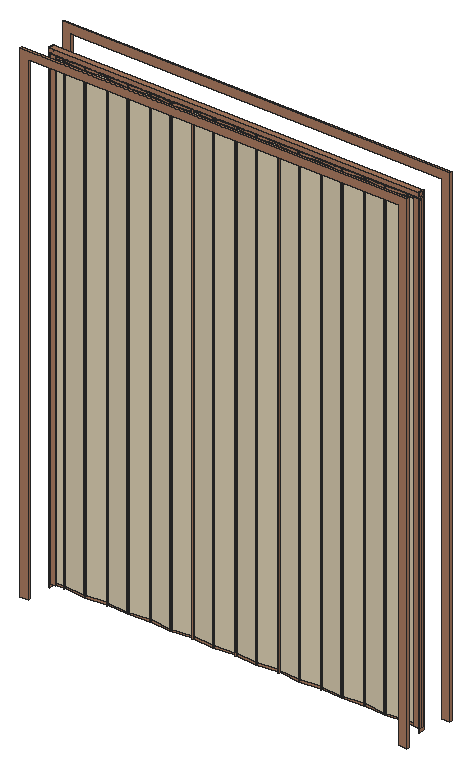
Revit family "Door-Accordion-Woodfold-Series_220", category Doors, host Wall, Revit 2015
Parameters (values of type "Height 8' 0" - Double End")
  Wheels = "Nylon wheel with lexan axle."  # constant formula
  Weight = "12 lbs. per linear foot."
  Unit Width = 0' - 4 1/4"
  Unit Height = Height - 0' 0 1/4"  # 7' - 11 3/4"
  URL = "www.woodfold.com"
  Type Comments = "Residential Room Dividers and Residential Closet Doors."  # constant formula
  True Total Length [instance] = True Door Length + 0' 5 1/2"  # 6' - 1 1/2"
  True Open [instance] = and(Open, not(Closed), not(Midway))  # no
  True Number of Panels Aux [instance] = if(Number of Panels = 1, 2, Number of Panels)  # 8
  True Number of Panels [instance] = if(Pair, (True Number of Panels Aux / 2), True Number of Panels Aux)  # 8
  True Midway [instance] = and(Midway, not(Closed), not(Open))  # no
  True Door Length [instance] = if(Pair, ((True Door Length Aux / 1) - 0' 0"), True Door Length Aux)  # 5' - 8"
  True Door Length Aux [instance] = if(Door Length = ((Number of Panels * Section Length) + 0' 0"), Door Length, (((Number of Panels * 1) * Section Length)) + 0' 0")  # 5' - 8"
  True Closed [instance] = and(Closed, not(Open), not(Midway))  # yes
  Trim Width = 0' - 1 5/8"
  Trim [instance] = yes
  Total Length [instance] = 6' - 0"
  Thickness = 0' - 0 1/4"
  Stacking Space = "1-1/4” per foot plus 2-3/4” for lead post."  # constant formula
  Sliding Jamb Width = 0' - 9 1/2"
  Sliding Jamb Right [instance] = and(Sliding Jamb, Pair)  # no
  Sliding Jamb Depth = 0' - 10 233/256"
  Sliding Jamb = no
  Single Jamb End [instance] = and(Jamb, not(Pair))  # yes
  Single = no
  Section Length Placement Aux [instance] = if(Midway, Sec Plac Midway, if(Closed, Sec Plac Closed, Sec Plac Open))  # 2' - 10"
  Section Length Placement [instance] = if(Pair, ((True Total Length - 0' 5 1/2") / 2), Section Length Placement Aux)  # 2' - 10"
  Section Length Addition [instance] = if(Closed, 0' 8 1/2", if(Open, 0' 0 1/2", 0' 6"))  # 0' - 8 1/2"
  Sec Plac Open [instance] = if(and(Open, Single), (True Total Length / 2) - 0' 2 3/4", if(and(Open, Pair), (True Total Length / 2) - 0' 2 3/4", if(and(Open, Double End), ((Section Length Addition * Number of Panels) / 2), 0' 0")))  # 0' - 0"
  Sec Plac Midway [instance] = if(and(Midway, Single), (True Total Length / 2) - 0' 2 3/4", if(and(Midway, Pair), (True Total Length / 2) - 0' 2 3/4", if(and(Midway, Double End), ((Section Length Addition * Number of Panels) / 2), 0' 0")))  # 0' - 0"
  Sec Plac Closed [instance] = if(and(Closed, Single), (True Total Length / 2) - 0' 2 3/4", if(and(Closed, Pair), (True Total Length / 2) - 0' 2 3/4", if(and(Closed, Double End), ((Section Length Addition * Number of Panels) / 2), 0' 0")))  # 2' - 10"
  Product data url = "https://bimobject.com/woodfold-mfg/product/woodfold-220"
  Pair = no
  Size Constraint = "Up to 8’-1” Height."  # constant formula
  Set Back = 0' - 6 7/16"  # constant formula
  Series = "220"  # constant formula
  Sections = ""
  Section Length [instance] = 0' - 8 1/2"
  Rough Width = Width + 0' 0 3/4"  # 6' - 0 3/4"
  Rough Height = Height + 0' 0 3/4"  # 8' - 0 3/4"
  Revisions Date = "06/10/09"  # constant formula
  Open [instance] = no
  OmniClass 23 = "23-25 40 17 17,23-30 10 17 17 11"  # constant formula
  Number of Panels [instance] = Door Length / Section Length  # 8
  Model = "220 Series Custom Length Accordion Door 8' Height"
  MasterFormat 2004 = "08 35 13.13"  # constant formula
  Latch = "Magnet with strike plate."  # constant formula
  Jamb [instance] = yes
  Handle Placement Height = 3' - 0"
  Handle Finish = Woodfold - PVC Plastic - Brown
  Function = Interior
  Double Jamb End [instance] = and(Jamb, Double End)  # yes
  Double End = yes
  Door Length [instance] = Total Length - 0' 5 1/2"  # 5' - 6 1/2"
  Construction Type = "Prefab. Assembly on Site."
  Closed [instance] = yes
  Panel Width = Unit Width  # 0' - 4 1/4"
  Operation = "Interior Partition"
  Midway [instance] = no
  Classification = "Interior Partition Door"
  Note* = ""
  Manufacturer = "Woodfold"  # constant formula
  LEED = "www.usgbc.org"
  Molding Finish = Woodfold - Vinyl - Brown
  Hinges [instance] = Number of Panels + 1  # 9
  Panel Finish = Woodfold - Vinyl Laminated Panel - Tan
  Framing Connection = Woodfold - Panel Connectors - Flexible Vinyl Brown
  Height = 8' - 0"
  Wall Closure = By host
  Width = 6' - 0"
  Description = "Accordion Door"
  Assembly Code = "C1020"
  Architectural Design Manual = "http://woodfold.com/accordion/series.php?m=com&p=s220"
  Accordion Door = 220 - Accordion Door Length : Double End
Types (9): name | Weight | Unit Height | Thickness | Sliding Jamb | Single | Rough Height | Model | Double Jamb End | Double End | Height | Accordion Door
  (no name) | "12 lbs. per linear foot." | 7' - 11 3/4" | 0' - 0 1/4" | yes | yes | 8' - 0 3/4" | "220 Series Custom Length Accordion Door 8'  Height" | no | no | 8' - 0" | 220 - Accordion Door Length : Single
  Height 8' 0" - Single | "12 lbs. per linear foot." | 7' - 11 3/4" | 0' - 0" | no | yes | 8' - 0 3/4" | "220 Series Custom Length Accordion Door 8'  Height" | no | no | 8' - 0" | 220 - Accordion Door Length : Single
  Height 8' 0" - Double End | "12 lbs. per linear foot." | 7' - 11 3/4" | 0' - 0 1/4" | no | no | 8' - 0 3/4" | "220 Series Custom Length Accordion Door 8' Height" | yes | yes | 8' - 0" | 220 - Accordion Door Length : Double End
  Height 8' 0" - Double End - Sliding Jamb | "12 lbs. per linear foot." | 7' - 11 3/4" | 0' - 0" | yes | no | 8' - 0 3/4" | "220 Series Custom Length Accordion Door 8' Height" | yes | yes | 8' - 0" | 220 - Accordion Door Length : Double End
  Height 8' 0" - Single - Sliding Jamb | "12 lbs. per linear foot." | 7' - 11 3/4" | 0' - 0 1/4" | yes | yes | 8' - 0 3/4" | "220 Series Custom Length Accordion Door 8'  Height" | no | no | 8' - 0" | 220 - Accordion Door Length : Single
  Height 6' 8" - Double End | "10 lbs. per linear foot." | 6' - 7 3/4" | 0' - 0 1/4" | no | no | 6' - 8 3/4" | "220 Series Custom Length Accordion Door 6' 8\" Height" | yes | yes | 6' - 8" | 220 - Accordion Door Length : Double End
  Height 6' 8" - Double End - Sliding Jamb | "10 lbs. per linear foot." | 6' - 7 3/4" | 0' - 0" | yes | no | 6' - 8 3/4" | "220 Series Custom Length Accordion Door 6' 8\" Height" | yes | yes | 6' - 8" | 220 - Accordion Door Length : Double End
  Height 6' 8" - Single | "10 lbs. per linear foot." | 6' - 7 3/4" | 0' - 0" | no | yes | 6' - 8 3/4" | "220 Series Custom Length Accordion Door 6' 8\"  Height" | no | no | 6' - 8" | 220 - Accordion Door Length : Single
  Height 6' 8" - Single - Sliding Jamb | "10 lbs. per linear foot." | 6' - 7 3/4" | 0' - 0 1/4" | yes | yes | 6' - 8 3/4" | "220 Series Custom Length Accordion Door 6' 8\"  Height" | no | no | 6' - 8" | 220 - Accordion Door Length : Single
Reference planes (in)
  plane 1: y = 0
  plane 2 "Center (Left/Right)": x = -4
  plane 3 "Left": x = -40.75
  plane 4 "Right": x = 32.75
  plane 5: z = 96
  plane 6 "Exterior": y = 5.125
  plane 7 "Interior": y = -5.125
  plane 8: y = 6.43752
  plane 9 "Set Back": y = 0.00002
  plane 10: z = 48
  plane 11: x = -38
  plane 12: x = -40
  plane 13: x = 32
Forms (in)
  Extrusion 1, solid, material "Woodfold - Vinyl - Brown" <- "Molding Finish", visible <- "Trim"
    sketch origin (0, 5.125, 0) x (1, 0, 0) y (0, 0, 1)
      loop
        line (32.75, 96) -> (32.75, 0) -> (34.375, 0) -> (34.375, 97.625) -> (-42.375, 97.625) -> (-42.375, 0) -> (-40.75, 0) -> (-40.75, 96) -> (32.75, 96)
    from 0 to -0.375
  Extrusion 2, solid, material "Woodfold - Vinyl - Brown" <- "Molding Finish", visible <- "Trim"
    sketch origin (0, -5.125, 0) x (1, 0, 0) y (0, 0, 1)
      loop
        line (-40.75, 96) -> (32.75, 96) -> (32.75, 0) -> (34.375, 0) -> (34.375, 97.625) -> (-42.375, 97.625) -> (-42.375, 0) -> (-40.75, 0) -> (-40.75, 96)
    from 0 to 0.375
  Extrusion 3, solid, material "Woodfold - Panel Connectors - Flexible Vinyl Brown" <- "Framing Connection", visible <- "Double Jamb End"
    sketch origin (0, 0, 0) x (1, 0, 0) y (0, 1, 0)
      loop
        line (-40.6875, 0.62502) -> (-40.75, 0.62502) -> (-40.75, -0.37498) -> (-40.6875, -0.37498) -> (-40.6875, 0.62502)
    from 0 to 96
  Extrusion 4, solid, material "Woodfold - Panel Connectors - Flexible Vinyl Brown" <- "Framing Connection", detail levels coarse+medium
    sketch origin (12.31458, 0, 0) x (0, -1, 0) y (0, 0, 1)
      loop
        line (-0.56252, 94.75) -> (0.56248, 94.75) -> (0.56248, 96) -> (-0.56252, 96) -> (-0.56252, 94.75)
    from -20.43542 to 53.06458
  Extrusion 5, solid, material "Woodfold - Panel Connectors - Flexible Vinyl Brown" <- "Framing Connection", visible <- "Single Jamb End"
    sketch origin (-8, 0, 0) x (-1, 0, 0) y (0, -1, 0)
      loop
        line (-40.6875, -0.62502) -> (-40.6875, 0.37498) -> (-40.75, 0.37498) -> (-40.75, -0.62502) -> (-40.6875, -0.62502)
    from 0 to 96
  Extrusion 6, solid, material "Woodfold - Panel Connectors - Flexible Vinyl Brown" <- "Framing Connection", detail levels fine
    sketch origin (-4, 0, 0) x (0, 1, 0) y (0, 0, 1)
      loop
        line (0.56252, 96) -> (-0.56248, 96) -> (-0.56248, 95.14611)
        arc (-0.56248, 95.14611) -> (-0.37498, 95.06277) -> (-0.18746, 95.14607) r 0.25266
        line (-0.18746, 95.14607) -> (-0.23379, 95.18807)
        arc (-0.23379, 95.18807) -> (-0.36364, 95.12564) -> (-0.49998, 95.1722) r 0.19013
        line (-0.49998, 95.1722) -> (-0.49998, 95.9375) -> (0.50002, 95.9375) -> (0.50002, 95.17222)
        arc (0.50002, 95.17222) -> (0.36371, 95.1258) -> (0.23387, 95.18807) r 0.19044
        line (0.23387, 95.18807) -> (0.18754, 95.14612)
        arc (0.18754, 95.14612) -> (0.37503, 95.06296) -> (0.56252, 95.14612) r 0.25294
        line (0.56252, 95.14612) -> (0.56252, 96)
      loop
        line (0.43752, 95.20426) -> (0.43752, 95.86264)
        arc (0.43752, 95.86264) -> (0.35436, 95.87725) -> (0.2802, 95.83687) r 0.12793
        arc (0.2802, 95.83687) -> (0.00004, 95.78206) -> (-0.28012, 95.83687) r 0.7433
        arc (-0.28012, 95.83687) -> (-0.3543, 95.87726) -> (-0.43748, 95.86261) r 0.12793
        line (-0.43748, 95.86261) -> (-0.43748, 95.20418)
        arc (-0.43748, 95.20418) -> (-0.35427, 95.1895) -> (-0.28012, 95.23002) r 0.12763
        arc (-0.28012, 95.23002) -> (-0.20372, 95.25609) -> (-0.12496, 95.2738) r 0.75039
        line (-0.12496, 95.2738) -> (-0.12496, 94.75) -> (0.12504, 94.75) -> (0.12504, 95.2738)
        arc (0.12504, 95.2738) -> (0.2038, 95.25609) -> (0.2802, 95.23002) r 0.75039
        arc (0.2802, 95.23002) -> (0.35436, 95.18964) -> (0.43752, 95.20426) r 0.12794
    from -36.75 to 36.75
Lines and regions (in)
  Opening 1
    outline origin (-120.07874, -5.125, 0) x (1, 0, 0) y (0, 0, 1)
      loop
        line (79.32874, 0) -> (152.82874, 0) -> (152.82874, 96) -> (79.32874, 96) -> (79.32874, 0)
  Masking region 1, visible <- "Sliding Jamb"
    outline origin (-8.36019, 2.3949, 0) x (1, 0, 0) y (0, 1, 0)
      loop
        line (-43.29996, 2.3551) -> (-43.29996, -7.1449) -> (-32.38981, -7.1449) -> (-32.38981, 2.3551) -> (-43.29996, 2.3551)
  Masking region 2, visible <- "Sliding Jamb Right"
    outline origin (0.36019, 2.3949, 0) x (0, 1, 0) y (-1, 0, 0)
      loop
        line (2.3551, -43.29996) -> (2.3551, -32.38981) -> (-7.1449, -32.38981) -> (-7.1449, -43.29996) -> (2.3551, -43.29996)
  symbolic lines, style "DoorsFrameMullionProjection", visible <- "Sliding Jamb"
    curve 1: line (-40.75, 4.75, 0) -> (-40.75, -4.75, 0)
    curve 2: line (-40.75, 4.75, 0) -> (-51.66016, 4.75, 0)
    curve 3: line (-51.66016, 4.75, 0) -> (-51.66016, -4.75, 0)
    curve 4: line (-40.75, -4.75, 0) -> (-51.66016, -4.75, 0)
  symbolic lines, style "DoorsFrameMullionProjection", visible <- "Sliding Jamb", detail levels fine
    curve 5: line (-44.25448, 4.62575, 0) -> (-43.50448, 4.62575, 0)
    curve 6: line (-44.25448, -4.62425, 0) -> (-44.25448, 4.62575, 0)
    curve 7: line (-43.50448, -4.62425, 0) -> (-44.25448, -4.62425, 0)
    curve 8: line (-43.50448, 4.62575, 0) -> (-43.50448, -4.62425, 0)
    curve 9: line (-43.50448, -3.37691, 0) -> (-42.50448, -3.37691, 0)
    curve 10: line (-42.50448, -4.12691, 0) -> (-43.50448, -4.12691, 0)
    curve 11: line (-42.50448, -3.37691, 0) -> (-42.50448, -4.12691, 0)
    curve 12: line (-40.75, -2.75, 0) -> (-41.76262, -2.75, 0)
    curve 13: line (-41.76262, -2.75, 0) -> (-41.76262, -4.75, 0)
    curve 14: line (-43.50448, -0.37498, 0) -> (-40.75, -0.37498, 0)
    curve 15: line (-43.50448, 0.37502, 0) -> (-40.75, 0.37502, 0)
    curve 16: line (-42.37582, -3.26815, 0) -> (-41.88758, -3.26815, 0)
    curve 17: line (-42.37582, -4.23567, 0) -> (-41.88758, -4.23567, 0)
    curve 18: line (-41.88758, -3.26815, 0) -> (-41.88758, -4.23567, 0)
    curve 19: line (-40.75, 2.75, 0) -> (-41.76262, 2.75, 0)
    curve 20: line (-41.76262, 2.75, 0) -> (-41.76262, 4.75, 0)
    curve 21: line (-42.37582, 3.26815, 0) -> (-41.88758, 3.26815, 0)
    curve 22: line (-42.37582, 4.23567, 0) -> (-41.88758, 4.23567, 0)
    curve 23: line (-41.88758, 3.26815, 0) -> (-41.88758, 4.23567, 0)
    curve 24: line (-43.50448, 3.37691, 0) -> (-42.50448, 3.37691, 0)
    curve 25: line (-42.50448, 4.12691, 0) -> (-43.50448, 4.12691, 0)
    curve 26: line (-42.50448, 3.37691, 0) -> (-42.50448, 4.12691, 0)
    curve 55: line (-42.37582, 4.23567, 0) -> (-42.37582, 4.36128, 0)
    curve 56: line (-42.37582, 4.36128, 0) -> (-41.76262, 4.36128, 0)
    curve 57: line (-42.37582, 3.26815, 0) -> (-42.37582, 3.14146, 0)
    curve 58: line (-42.37582, 3.14146, 0) -> (-41.76262, 3.14146, 0)
    curve 59: line (-42.37582, -3.26815, 0) -> (-42.37582, -3.14255, 0)
    curve 60: line (-42.37582, -3.14255, 0) -> (-41.76262, -3.14255, 0)
    curve 61: line (-42.37582, -4.23567, 0) -> (-42.37582, -4.36236, 0)
    curve 62: line (-42.37582, -4.36236, 0) -> (-41.76262, -4.36236, 0)
  symbolic lines, style "DoorsFrameMullionProjection", visible <- "Sliding Jamb Right"
    curve 27: line (32.75, 4.75, 0) -> (32.75, -4.75, 0)
    curve 28: line (32.75, 4.75, 0) -> (43.66016, 4.75, 0)
    curve 29: line (43.66016, 4.75, 0) -> (43.66016, -4.75, 0)
    curve 30: line (32.75, -4.75, 0) -> (43.66016, -4.75, 0)
  symbolic lines, style "DoorsFrameMullionProjection", visible <- "Sliding Jamb Right", detail levels fine
    curve 31: line (36.25448, 4.62575, 0) -> (35.50448, 4.62575, 0)
    curve 32: line (36.25448, -4.62425, 0) -> (36.25448, 4.62575, 0)
    curve 33: line (35.50448, -4.62425, 0) -> (36.25448, -4.62425, 0)
    curve 34: line (35.50448, 4.62575, 0) -> (35.50448, -4.62425, 0)
    curve 35: line (35.50448, -3.37691, 0) -> (34.50448, -3.37691, 0)
    curve 36: line (34.50448, -4.12691, 0) -> (35.50448, -4.12691, 0)
    curve 37: line (34.50448, -3.37691, 0) -> (34.50448, -4.12691, 0)
    curve 38: line (32.75, -2.62498, 0) -> (33.75, -2.62498, 0)
    curve 39: line (33.75, -2.62498, 0) -> (33.75, -4.75, 0)
    curve 40: line (35.50448, -0.37498, 0) -> (32.75, -0.37498, 0)
    curve 41: line (35.50448, 0.37502, 0) -> (32.75, 0.37502, 0)
    curve 42: line (34.38758, -3.26815, 0) -> (33.88758, -3.26815, 0)
    curve 43: line (34.38758, -4.23567, 0) -> (33.88758, -4.23567, 0)
    curve 44: line (33.88758, -3.26815, 0) -> (33.88758, -4.23567, 0)
    curve 45: line (32.75, 2.87502, 0) -> (33.75, 2.87502, 0)
    curve 46: line (33.75, 2.87502, 0) -> (33.75, 4.75, 0)
    curve 47: line (34.38758, 3.26815, 0) -> (33.88758, 3.26815, 0)
    curve 48: line (34.38758, 4.36067, 0) -> (33.75, 4.36067, 0)
    curve 49: line (34.38758, 4.36067, 0) -> (34.38758, 4.23567, 0)
    curve 50: line (34.38758, 4.23567, 0) -> (33.88758, 4.23567, 0)
    curve 51: line (33.88758, 3.26815, 0) -> (33.88758, 4.23567, 0)
    curve 52: line (35.50448, 3.37691, 0) -> (34.50448, 3.37691, 0)
    curve 53: line (34.50448, 4.12691, 0) -> (35.50448, 4.12691, 0)
    curve 54: line (34.50448, 3.37691, 0) -> (34.50448, 4.12691, 0)
    curve 63: line (34.38758, 3.26815, 0) -> (34.38758, 3.14315, 0)
    curve 64: line (34.38758, 3.14315, 0) -> (33.75, 3.14315, 0)
    curve 65: line (34.38758, -3.14315, 0) -> (33.75, -3.14315, 0)
    curve 66: line (34.38758, -3.14315, 0) -> (34.38758, -3.26815, 0)
    curve 67: line (34.38758, -4.23567, 0) -> (34.38758, -4.36067, 0)
    curve 68: line (34.38758, -4.36067, 0) -> (33.75, -4.36067, 0)
Text (in)
  text "Exterior" at (-90.35496, 43.28909, 0), in view "Ref. Level"
  text "Exterior" at (0, 36.43101, 60.83385), in view "Left"
  text "Exterior" at (0, 40.78868, 152.55637), in view "Right"
Dimensions and locks (in)
  equal spacing: plane 3 "Left", plane 2 "Center (Left/Right)", plane 4 "Right"
  "True Total Length": plane 3 "Left" to plane 4 "Right"
  equal spacing: host wall, plane 10, plane 5
  "Height": host wall to plane 5
  locked: plane 6 "Exterior" to host wall at 0
  locked: plane 7 "Interior" to host wall
  locked: plane 6 "Exterior" to plane 8 at 1.31252
  "Set Back": plane 9 "Set Back" to plane 8
  "Section Length Placement": plane 11 to plane 2 "Center (Left/Right)"
  equal spacing: plane 12, plane 2 "Center (Left/Right)", plane 13
  "Total Length": plane 12 to plane 13
  locked: nested 2 to plane 4 "Right" at 2.75
  "Trim Width": plane 4 "Right" to Extrusion 1 sketch curve
  "Trim Width": Extrusion 1 sketch curve to plane 3 "Left"
  "Trim Width": plane 5 to Extrusion 1 sketch curve
  "Trim Width": plane 4 "Right" to Extrusion 2 sketch curve
  "Trim Width": plane 5 to Extrusion 2 sketch curve
  "Trim Width": Extrusion 2 sketch curve to plane 3 "Left"
  "Sliding Jamb Depth": Masking region 1 sketch curve to plane 3 "Left"
  curve 2 to curve 5 to curve 56 to curve 22 to curve 25 to curve 24 to curve 21 to curve 58 to curve 19 = 0' - 0.12425" locked, 0' - 0.26447" locked, 0' - 0.12561" locked, 0' - 0.10876" locked, 0' - 0 3/4" locked, 0' - 0.10876" locked, 0' - 0.12669" locked, 0' - 0.39146" locked
  curve 12 to curve 60 to curve 16 to curve 9 to curve 10 to curve 17 to curve 62 to curve 7 to curve 4 = 0' - 0.39255" locked, 0' - 0.12561" locked, 0' - 0.10876" locked, 0' - 0 3/4" locked, 0' - 0.10876" locked, 0' - 0.12669" locked, 0' - 0.26189" locked, 0' - 0.12575" locked
  curve 6 to curve 8 to curve 11 to curve 61 to curve 18 to curve 13 to plane 3 "Left" = 0' - 0 3/4" locked, 0' - 1" locked, 0' - 0.12866" locked, 0' - 0.48824" locked, 0' - 0.12495" locked, 0' - 1.01262" locked
  "Sliding Jamb Depth": curve 3 to plane 3 "Left"
  "Sliding Jamb Depth": plane 4 "Right" to Masking region 2 sketch curve
  plane 4 "Right" to curve 39 to curve 67 to curve 37 to curve 34 to curve 32 = 0' - 1" locked, 0' - 0.63758" locked, 0' - 0.1169" locked, 0' - 1" locked, 0' - 0 3/4" locked
  curve 64 to curve 47 to curve 52 to curve 53 to curve 50 to curve 48 to curve 31 to curve 28 = 0' - 0 1/8" locked, 0' - 0.10876" locked, 0' - 0 3/4" locked, 0' - 0.10876" locked, 0' - 0 1/8" locked, 0' - 0.26508" locked, 0' - 0.12425" locked
  curve 30 to curve 33 to curve 68 to curve 43 to curve 36 to curve 35 to curve 42 to curve 65 = 0' - 0.12575" locked, 0' - 0.26358" locked, 0' - 0 1/8" locked, 0' - 0.10876" locked, 0' - 0 3/4" locked, 0' - 0.10876" locked, 0' - 0 1/8" locked
  "Sliding Jamb Depth": plane 4 "Right" to curve 29
  curve 15 to nested 2 to curve 14 = 0' - 0 3/8" locked, 0' - 0 3/8" locked
  curve 41 to plane 9 "Set Back" to curve 40 = 0' - 0 3/8" locked, 0' - 0 3/8" locked
  Extrusion 3 sketch curve to plane 9 "Set Back" to Extrusion 3 sketch curve = 0' - 0 3/8" locked, 0' - 0 5/8" locked
  Extrusion 4 sketch curve to plane 9 "Set Back" to Extrusion 4 sketch curve = 0' - 0 9/16" locked, 0' - 0 9/16" locked
  locked: Masking region 1 sketch curve to plane 6 "Exterior" at 0.375
  locked: plane 7 "Interior" to Masking region 1 sketch curve at 0.375
  locked: curve 2 to plane 6 "Exterior" at 0.375
  locked: plane 7 "Interior" to curve 4 at 0.375
  locked: Masking region 2 sketch curve to plane 6 "Exterior" at 0.375
  locked: plane 7 "Interior" to Masking region 2 sketch curve at 0.375
  locked: curve 28 to plane 6 "Exterior" at 0.375
  locked: plane 7 "Interior" to curve 30 at 0.375
  locked: plane 3 "Left" to Extrusion 3 sketch curve at 0.0625
  Extrusion 5 sketch curve to plane 9 "Set Back" to Extrusion 5 sketch curve = 0' - 0 3/8" locked, 0' - 0 5/8" locked
  locked: Extrusion 5 sketch curve to plane 4 "Right" at 0.0625
  locked: Extrusion 4 sketch curve to plane 5 at 1.25
  Extrusion 6 sketch curve to Extrusion 6 sketch curve to Extrusion 6 sketch curve to Extrusion 6 sketch curve to Extrusion 6 sketch curve to plane 5 = 0' - 0.00019" locked, 0' - 0.06235" locked, 0' - 0.00015" locked, 0' - 0.81204" locked, 0' - 0 1/16" locked
  Extrusion 6 sketch curve to Extrusion 6 sketch curve to Extrusion 6 sketch curve to Extrusion 6 sketch curve to Extrusion 6 sketch curve to Extrusion 6 sketch curve to Extrusion 6 sketch curve to Extrusion 6 sketch curve to plane 5 = 0' - 0.43781" locked, 0' - 0.00015" locked, 0' - 0.08584" locked, 0' - 0" locked, 0' - 0.50826" locked, 0' - 0.09688" locked, 0' - 0" locked, 0' - 0.12106" locked
  Extrusion 6 sketch curve to Extrusion 6 sketch curve to plane 9 "Set Back" to Extrusion 6 sketch curve to Extrusion 6 sketch curve = 0' - 0 1/16" locked, 0' - 0 1/2" locked, 0' - 0 1/2" locked, 0' - 0 1/16" locked
  Extrusion 6 sketch curve to Extrusion 6 sketch curve to plane 9 "Set Back" to Extrusion 6 sketch curve to Extrusion 6 sketch curve = 0' - 0 5/16" locked, 0' - 0 1/8" locked, 0' - 0 1/8" locked, 0' - 0 5/16" locked
  aligned and locked: Opening 1 sketch curve to level
  aligned and locked: host wall to plane 1
  aligned and locked: plane 11 to nested 1
  aligned and locked: plane 9 "Set Back" to nested 1
  aligned and locked: nested 2 to plane 9 "Set Back"
  aligned and locked: Extrusion 1 sketch curve to level  (x2)
  aligned and locked: plane 4 "Right" to Extrusion 1 sketch curve
  aligned and locked: Extrusion 1 sketch curve to plane 3 "Left"
  aligned and locked: plane 5 to Extrusion 1 sketch curve
  aligned and locked: Extrusion 2 sketch curve to plane 4 "Right"
  aligned and locked: Extrusion 2 sketch curve to plane 5
  aligned and locked: plane 3 "Left" to Extrusion 2 sketch curve
  aligned and locked: level to Extrusion 2 sketch curve  (x2)
  aligned and locked: plane 3 "Left" to curve 1
  aligned and locked: plane 4 "Right" to curve 27
  aligned and locked: plane 3 "Left" to Masking region 1 sketch curve
  aligned and locked: curve 61 to curve 59
  aligned and locked: curve 57 to curve 61
  aligned and locked: curve 61 to curve 55
  aligned and locked: curve 18 to curve 23
  aligned and locked: curve 13 to curve 20
  aligned and locked: curve 11 to curve 26
  aligned and locked: plane 4 "Right" to Masking region 2 sketch curve
  aligned and locked: curve 39 to curve 46
  aligned and locked: curve 66 to curve 67
  aligned and locked: curve 63 to curve 67
  aligned and locked: curve 49 to curve 67
  aligned and locked: curve 37 to curve 54
  aligned and locked: plane 3 "Left" to Extrusion 3 sketch curve
  aligned and locked: Extrusion 3 to plane 5
  aligned and locked: Extrusion 4 to plane 4 "Right"
  aligned and locked: plane 3 "Left" to Extrusion 4
  aligned and locked: Opening 1 sketch curve to plane 5
  aligned and locked: plane 4 "Right" to Opening 1 sketch curve
  aligned and locked: plane 3 "Left" to Opening 1 sketch curve
  aligned and locked: plane 4 "Right" to Extrusion 5 sketch curve
  aligned and locked: Extrusion 4 sketch curve to plane 5
  aligned and locked: Extrusion 3 to level
  aligned and locked: Extrusion 5 to level
  aligned and locked: Extrusion 5 to plane 5
  aligned and locked: plane 5 to Extrusion 6 sketch curve
  aligned and locked: plane 3 "Left" to Extrusion 6
  aligned and locked: Extrusion 6 to plane 4 "Right"
Automatic sketch dimensions
  curve 12 to plane 3 "Left" = 0' - 0"
  curve 45 to plane 4 "Right" = 0' - 0"
  curve 65 to curve 44 = 0' - 0.13758"
  curve 64 to curve 51 = 0' - 0.13758"
  curve 65 to curve 38 = 0' - 0.51817"
  curve 45 to curve 64 = 0' - 0.26814"
  Extrusion 6 sketch curve to Extrusion 6 sketch curve = 0' - 0"  (x10)
  Extrusion 6 sketch curve to Extrusion 6 sketch curve = 0' - 0.06253"  (x2)
  Extrusion 6 sketch curve to Extrusion 6 sketch curve = 0' - 0.09483"  (x2)
  plane 5 to Extrusion 6 sketch curve = 0' - 0.81193"  (x2)
  Extrusion 6 sketch curve to Extrusion 6 sketch curve = 0' - 0.04633"  (x3)
  Extrusion 6 sketch curve to Extrusion 6 sketch curve = 0' - 0.28016"
  Extrusion 6 sketch curve to Extrusion 6 sketch curve = 0' - 0 1/8"
  Extrusion 6 sketch curve to Extrusion 6 sketch curve = 0' - 0 1/16"  (x3)
  Extrusion 6 sketch curve to Extrusion 6 sketch curve = 0' - 0.15732"
  Extrusion 6 sketch curve to Extrusion 6 sketch curve = 0' - 0.1865"
Nested families (in)
  nested 1: "220 - Accordion Door Length" at (-38, 0.00002, 0), type <- "Accordion Door", Total Length <- "True Total Length", Open <- "True Open", Midway <- "True Midway", Closed <- "True Closed", type "Double End"
    with True Open no, True Number of Panels Aux 8, True Number of Panels 8, True Midway no, True Door Length Aux 5' - 8", True Door Length 5' - 8", True Closed yes, Total Length 6' - 1 1/2", Single Instance no, Section Length Placement 0' - 8 1/2", Section Length 0' - 8 1/2", Right Jamb Union no, Right Handle Panel yes, Placement Length Aux 5' - 8", Panel Thickness 0' - 0 1/4", Panel Length 0' - 4 1/4", Open no, Number of Panels 8, Midway no, Length Placement 5' - 8", Left Jamb Union no, Left Handle Panel yes, Door Length 5' - 8", Closed yes, Array Instance yes, Single no, Double yes, Panel Height 7' - 10 3/4", Height 8' - 0"
  nested 2: "220 - Accordion Door Length" at (30, 0.00002, 0) x (-1, 0, 0) z (0, 0, 1), type <- "Accordion Door", visible <- "Pair", Total Length <- "True Total Length", Open <- "True Open", Midway <- "True Midway", Closed <- "True Closed", Panel Length <- "Panel Width", Panel Thickness <- "Thickness", type "Double End"
    with True Open no, True Number of Panels Aux 8, True Number of Panels 8, True Midway no, True Door Length Aux 5' - 8", True Door Length 5' - 8", True Closed yes, Total Length 6' - 1 1/2", Single Instance no, Section Length Placement 0' - 8 1/2", Section Length 0' - 8 1/2", Right Jamb Union no, Right Handle Panel yes, Placement Length Aux 5' - 8", Panel Thickness 0' - 0 1/4", Panel Length 0' - 4 1/4", Open no, Number of Panels 8, Midway no, Length Placement 5' - 8", Left Jamb Union no, Left Handle Panel yes, Door Length 5' - 8", Closed yes, Array Instance yes, Single no, Double yes, Panel Height 7' - 10 3/4", Height 8' - 0"
Definition of nested family "220 - Accordion Door Length"
  Parameters
    True Open [instance] = and(Open, not(Closed), not(Midway))  # no
    True Number of Panels Aux [instance] = if(Number of Panels = 1, 2, Number of Panels)  # 4
    True Midway [instance] = and(Midway, not(Closed), not(Open))  # no
    True Door Length Aux [instance] = if(Door Length = ((Number of Panels * Section Length) + 0' 0"), Door Length, (((Number of Panels * 1) * Section Length)) + 0' 0")  # 2' - 10"
    True Closed [instance] = and(Closed, not(Open), not(Midway))  # yes
    Total Length [instance] = 3' - 0"
    Single Instance [instance] = not(Array Instance)  # no
    Single = yes
    Placement Length Aux [instance] = Section Length Placement * Number of Panels  # 2' - 10"
    Panel Thickness [instance] = 0' - 0 1/4"
    Panel Length [instance] = 0' - 4 1/4"
    Pair = no
    True Number of Panels [instance] = if(Pair, (True Number of Panels Aux / 2), True Number of Panels Aux)  # 4
    Length Placement [instance] = if(and(Pair, Midway), (True Number of Panels * Section Length Placement), if(Pair, (Placement Length Aux / 2), Placement Length Aux))  # 2' - 10"
    Left Jamb Union [instance] = not(Double)  # yes
    Left Handle Panel [instance] = Double  # no
    Right Handle Panel [instance] = yes
    Right Jamb Union [instance] = not(Right Handle Panel)  # no
    Handle Material = none
    Double = no
    Section Length [instance] = Panel Length * 2  # 0' - 8 1/2"
    Section Length Placement [instance] = if(Closed, Panel Length * 2, if(Open, 0' 0 9/16", 0' 6"))  # 0' - 8 1/2"
    True Door Length [instance] = if(Pair, ((True Door Length Aux / 2) - 0' 0"), True Door Length Aux)  # 2' - 10"
    Panel Material = none
    Panel Height = Height - 0' 1 1/4"  # 6' - 6 3/4"
    Open [instance] = no
    Number of Panels [instance] = Door Length / Section Length  # 4
    Midway [instance] = no
    Door Length [instance] = Total Length - 0' 5 1/2"  # 2' - 6 1/2"
    Height = 6' - 8"
    Handle Placement Height = 3' - 0"
    Framing Material = none
    Closed [instance] = yes
    Assembly Code = ""
    Array Instance [instance] = Number of Panels > 1.1  # yes
  Reference planes (in)
    plane 1 "Center (Front/Back)": y = 0
    plane 2: z = 0
    plane 3 "Left": x = 0
    plane 4 "End": x = 34
    plane 5 "Height": z = 80
    plane 6 "Handle Placement Height": z = 36
  Forms (in)
    Extrusion 1, solid, material <- "Panel Material", visible <- "Right Jamb Union", detail levels fine
      sketch origin (0, 0, 0) x (1, 0, 0) y (0, 1, 0)
        loop
          line (36.75, -0.01162) -> (34, 0.2507) -> (34, 0.11706)
          arc (34, 0.11706) -> (34.08989, 0.07887) -> (34.1248, -0.01234) r 0.12488
          line (34.1248, -0.01234) -> (36.5, -0.23891) -> (36.5, -0.75) -> (36.75, -0.75) -> (36.75, -0.01162)
      from 1.125 to 78.25
    Extrusion 2, solid, material <- "Panel Material", visible <- "Left Jamb Union", detail levels fine
      sketch origin (0, -2, 0) x (1, 0, 0) y (0, 1, 0)
        loop
          line (-2.75, 1.99631) -> (-2.75, 1.25793) -> (-2.5, 1.25793) -> (-2.5, 1.77216) -> (-0.125, 2.0001)
          arc (-0.125, 2.0001) -> (-0.08835, 2.08843) -> (0, 2.125) r 0.125
          line (0, 2.125) -> (0, 2.25863) -> (-2.75, 1.99631)
      from 1.125 to 78.25
    Extrusion 3, solid, material <- "Framing Material", detail levels fine
      sketch origin (0, 0, 0) x (1, 0, 0) y (0, 1, 0)
        loop
          line (0, 0.19585) -> (-2.75, -0.06647) -> (-2.75, -0.18905) -> (-0.107, 0.06462)
          arc (-0.107, 0.06462) -> (-0.06143, 0.10886) -> (0, 0.125) r 0.125
          line (0, 0.125) -> (0, 0.19585)
      from 0.625 to 78.75
    Extrusion 4, solid, material <- "Framing Material", detail levels fine
      sketch origin (25.46433, 0, 0) x (-1, 0, 0) y (0, -1, 0)
        loop
          line (-8.53567, -0.06234) -> (-11.28567, 0.19997) -> (-11.28567, 0.07441) -> (-8.53567, -0.18791) -> (-8.53567, -0.06234)
      from 0.625 to 78.75
    Extrusion 5, solid, material <- "Panel Material", visible <- "Right Handle Panel", detail levels fine
      sketch origin (0, 0, 0) x (1, 0, 0) y (0, 1, 0)
        loop
          line (34, 0.2507) -> (34, 0.11706)
          arc (34, 0.11706) -> (34.08989, 0.07887) -> (34.1248, -0.01234) r 0.12488
          line (34.1248, -0.01234) -> (36.6875, -0.2568) -> (36.6875, -0.00566) -> (34, 0.2507)
      from 1.125 to 78.25
    Extrusion 6, solid, material <- "Handle Material", visible <- "Left Handle Panel", detail levels fine
      sketch origin (-20.75, 0, 36) x (-1, 0, 0) y (0, -1, 0)
        loop
          line (-19.99562, -0.79923) -> (-19.93407, -0.81009) -> (-19.82998, -0.21976) -> (-18.94563, -0.1354) -> (-19.02033, -0.55906) -> (-18.00003, -0.55906) -> (-18.00003, 0.31462) -> (-19.15871, 0.20341) -> (-19.15274, 0.1412) -> (-18.0625, 0.24584) -> (-18.0625, -0.00227) -> (-19.88576, -0.17619) -> (-19.99562, -0.79923)
        loop
          line (-18.0625, -0.49656) -> (-18.0625, -0.05116) -> (-18.88108, -0.12924) -> (-18.94584, -0.49656) -> (-18.0625, -0.49656)
      from -35.375 to 42.75
    Extrusion 7, solid, material <- "Panel Material", visible <- "Left Handle Panel", detail levels fine
      sketch origin (-21, 0, 0) x (1, 0, 0) y (0, 1, 0)
        loop
          line (18.3125, 0.00227) -> (18.3125, -0.24584) -> (21, 0.0121) -> (21, 0.25863) -> (18.3125, 0.00227)
      from 1.125 to 78.25
    Extrusion 8, solid, material <- "Panel Material", visible <- "Left Handle Panel", detail levels coarse+medium
      sketch origin (-24.38725, 0, 0) x (1, 0, 0) y (0, 1, 0)
        loop
          line (21.69975, 0.00227) -> (21.69975, -0.24584) -> (24.38725, 0.0121) -> (24.38725, 0.25863) -> (21.69975, 0.00227)
      from 0.625 to 78.75
    Extrusion 9, solid, material <- "Panel Material", visible <- "Right Handle Panel", detail levels coarse+medium
      sketch origin (10.25, 0, 0) x (1, 0, 0) y (0, 1, 0)
        loop
          line (23.75, 0.2507) -> (23.75, -0.00044) -> (26.4375, -0.2568) -> (26.4375, -0.00566) -> (23.75, 0.2507)
      from 0.625 to 78.75
    Extrusion 10, solid, material <- "Panel Material", visible <- "Left Jamb Union", detail levels coarse+medium
      sketch origin (-5.5, -2, 0) x (1, 0, 0) y (0, 1, 0)
        loop
          line (2.75, 1.99631) -> (2.75, 1.25793) -> (3, 1.25793) -> (3, 1.77216) -> (5.375, 2.0001)
          arc (5.375, 2.0001) -> (5.41165, 2.08843) -> (5.5, 2.125) r 0.125
          line (5.5, 2.125) -> (5.5, 2.25863) -> (2.75, 1.99631)
      from 0.625 to 78.75
    Extrusion 11, solid, material <- "Panel Material", visible <- "Right Jamb Union", detail levels coarse+medium
      sketch origin (8.85409, 0, 0) x (1, 0, 0) y (0, 1, 0)
        loop
          line (27.89591, -0.01162) -> (25.14591, 0.2507) -> (25.14591, 0.11706)
          arc (25.14591, 0.11706) -> (25.2358, 0.07887) -> (25.27071, -0.01234) r 0.12488
          line (25.27071, -0.01234) -> (27.64591, -0.23891) -> (27.64591, -0.75) -> (27.89591, -0.75) -> (27.89591, -0.01162)
      from 0.625 to 78.75
    Extrusion 12, solid, material <- "Handle Material", visible <- "Right Handle Panel", detail levels fine
      sketch origin (54.75, 0, 36) x (1, 0, 0) y (0, 1, 0)
        loop
          line (-18, -0.32554) -> (-18, 0.56502) -> (-19.02033, 0.56502) -> (-18.94563, 0.14136) -> (-19.82998, 0.22572) -> (-19.93407, 0.81605) -> (-19.99562, 0.80519) -> (-19.88327, 0.16802) -> (-18.0625, -0.00566) -> (-18.0625, -0.2568) -> (-19.1544, -0.15264) -> (-19.16034, -0.21486) -> (-18, -0.32554)
        loop
          line (-18.0625, 0.50252) -> (-18.94584, 0.50252) -> (-18.88108, 0.1352) -> (-18.0625, 0.05712) -> (-18.0625, 0.50252)
      from -35.375 to 42.75
  Lines and regions (in)
    Masking region 1, visible <- "Right Handle Panel"
      outline origin (0, 0, 36) x (-1, 0, 0) y (0, -1, 0)
        loop
          line (-34, -0.2507) -> (-34, 0.00044) -> (-36.75, 0.26276) -> (-36.75, 0.01162) -> (-34, -0.2507)
    Masking region 2, detail levels coarse+medium
      outline origin (0, 0, 0) x (1, 0, 0) y (0, 1, 0)
        loop
          line (34, 0.2507) -> (34, -0.00044) -> (36.75, -0.26276) -> (36.75, -0.01162) -> (34, 0.2507)
    reference lines
      curve 1: line (34, 11.94233, 0) -> (34, -9.05767, 0)
  Dimensions and locks (in)
    "True Door Length": plane 3 "Left" to plane 4 "End"
    "Height": plane 5 "Height" to plane 2
    "Handle Placement Height": plane 6 "Handle Placement Height" to plane 2
    equal spacing: group 1, group 2, group 3, group 4  (x3)
    "Section Length Placement": plane 3 "Left" to nested 2
    locked: plane 5 "Height" to Extrusion 1 at 1.75
    locked: Extrusion 1 to plane 2 at 1.125
    Extrusion 2 sketch curve to Extrusion 2 sketch curve to plane 3 "Left" = 0' - 0 1/4" locked, 0' - 2 1/2" locked
    "Length Placement": plane 3 "Left" to Extrusion 1 sketch curve
    locked: Extrusion 1 sketch curve to Extrusion 1 sketch curve at 0.25
    "Length Placement": plane 3 "Left" to Extrusion 4 sketch curve
    locked: Extrusion 4 sketch curve to Extrusion 4 sketch curve at 2.75
    locked: Extrusion 4 sketch curve to Extrusion 4 sketch curve at 0.125
    Extrusion 1 sketch curve to Extrusion 1 sketch curve to Extrusion 1 sketch curve = 0' - 2 1/2" locked, 0' - 0 1/4" locked
    locked: Extrusion 1 sketch curve to Extrusion 1 sketch curve at 0.12488
    locked: plane 5 "Height" to Extrusion 2 at 1.75
    locked: Extrusion 5 to plane 2 at 1.125
    locked: plane 5 "Height" to Extrusion 5 at 1.75
    locked: Extrusion 7 to plane 2 at 1.125
    locked: plane 5 "Height" to Extrusion 7 at 1.75
    Extrusion 10 sketch curve to Extrusion 10 sketch curve to plane 3 "Left" = 0' - 0 1/4" locked, 0' - 2 1/2" locked
    locked: Extrusion 11 sketch curve to Extrusion 11 sketch curve at 0.25
    Extrusion 11 sketch curve to Extrusion 11 sketch curve to Extrusion 11 sketch curve = 0' - 2 1/2" locked, 0' - 0 1/4" locked
    locked: Extrusion 11 sketch curve to Extrusion 11 sketch curve at 0.12488
    "Length Placement": plane 3 "Left" to Extrusion 11 sketch curve
    "Length Placement": plane 3 "Left" to curve 1
    locked: Extrusion 2 to plane 2 at 1.125
    locked: plane 5 "Height" to Extrusion 10 at 1.25
    locked: plane 5 "Height" to Extrusion 8 at 1.25
    locked: plane 5 "Height" to Extrusion 11 at 1.25
    locked: plane 5 "Height" to Extrusion 9 at 1.25
    locked: Extrusion 9 to plane 2 at 0.625
    locked: Extrusion 11 to plane 2 at 0.625
    locked: Extrusion 4 to plane 2 at 0.625
    locked: Extrusion 10 to plane 2 at 0.625
    Extrusion 8 to plane 2 = 0' - 0 5/8"
    locked: Extrusion 3 to plane 2 at 0.625
    curve 1 to Extrusion 12 sketch curve to Extrusion 12 sketch curve to Extrusion 12 sketch curve to Extrusion 12 sketch curve to Extrusion 12 sketch curve to Extrusion 12 sketch curve to Extrusion 12 sketch curve to Extrusion 12 sketch curve to Extrusion 12 sketch curve to Extrusion 12 sketch curve = 0' - 0.75438" locked, 0' - 0.06155" locked, 0' - 0 13/256" locked, 0' - 0.05329" locked, 0' - 0.80965" locked, 0' - 0.07448" locked, 0' - 0.00022" locked, 0' - 0.06455" locked, 0' - 0.81858" locked, 0' - 0 1/16" locked
    Extrusion 6 sketch curve to Extrusion 6 sketch curve to Extrusion 6 sketch curve to Extrusion 6 sketch curve to Extrusion 6 sketch curve to Extrusion 6 sketch curve to Extrusion 6 sketch curve to Extrusion 6 sketch curve to Extrusion 6 sketch curve to Extrusion 6 sketch curve to plane 3 "Left" = 0' - 0.06247" locked, 0' - 0.81858" locked, 0' - 0.06455" locked, 0' - 0.00022" locked, 0' - 0.07448" locked, 0' - 0.80965" locked, 0' - 0.05578" locked, 0' - 0.04831" locked, 0' - 0.06155" locked, 0' - 0.75438" locked
    locked: Extrusion 6 to plane 2 at 0.625
    locked: Extrusion 12 to plane 2 at 0.625
    locked: plane 5 "Height" to Extrusion 6 at 1.25
    locked: plane 5 "Height" to Extrusion 12 at 1.25
    locked: plane 5 "Height" to Extrusion 3 at 1.25
    locked: plane 5 "Height" to Extrusion 4 at 1.25
    aligned and locked: plane 1 "Center (Front/Back)" to nested 1
    aligned and locked: plane 3 "Left" to nested 1
    aligned and locked: plane 3 "Left" to nested 3
    aligned and locked: plane 1 "Center (Front/Back)" to nested 3
    aligned and locked: Extrusion 2 sketch curve to nested 3
    aligned and locked: Extrusion 2 to Extrusion 3 sketch curve
    aligned and locked: Extrusion 3 sketch curve to Extrusion 2
    aligned and locked: plane 3 "Left" to Extrusion 3 sketch curve
    aligned and locked: plane 3 "Left" to Extrusion 7 sketch curve
    aligned and locked: plane 3 "Left" to Extrusion 8 sketch curve
    aligned and locked: plane 3 "Left" to Extrusion 10 sketch curve
    aligned and locked: Extrusion 10 sketch curve to Extrusion 2  (x3)
    aligned and locked: curve 1 to Extrusion 9 sketch curve
    aligned and locked: Extrusion 9 sketch curve to Extrusion 11  (x2)
    aligned and locked: Extrusion 5 sketch curve to Extrusion 11  (x2)
    aligned and locked: curve 1 to Extrusion 5 sketch curve
    aligned and locked: Masking region 1 sketch curve to curve 1
    aligned and locked: Masking region 1 sketch curve to Extrusion 11  (x3)
    aligned and locked: Extrusion 12 sketch curve to Extrusion 12 sketch curve
    aligned and locked: Extrusion 8 sketch curve to Extrusion 10  (x2)
    aligned and locked: Extrusion 7 sketch curve to Extrusion 10  (x2)
    aligned and locked: Extrusion 6 sketch curve to Extrusion 6 sketch curve
    aligned and locked: Extrusion 6 to Extrusion 8 sketch curve
    aligned and locked: Extrusion 6 to Extrusion 7 sketch curve
    aligned and locked: Extrusion 9 sketch curve to Extrusion 12
    aligned and locked: Extrusion 5 sketch curve to Extrusion 12
    aligned and locked: Masking region 2 sketch curve to Extrusion 11  (x2)
    aligned and locked: Masking region 2 sketch curve to Extrusion 12
    aligned and locked: Masking region 2 sketch curve to curve 1
  Automatic sketch dimensions
    plane 1 "Center (Front/Back)" to curve 1 = 0' - 9.05767"
    curve 1 to plane 1 "Center (Front/Back)" = 0' - 11.94233"
    plane 1 "Center (Front/Back)" to Extrusion 1 sketch curve = 0' - 0.01234"
    Extrusion 1 sketch curve to Extrusion 1 sketch curve = 0' - 0.1248"
    plane 1 "Center (Front/Back)" to Extrusion 1 sketch curve = 0' - 0.23891"
    Extrusion 1 sketch curve to Extrusion 1 sketch curve = 0' - 0.51109"
    Extrusion 2 sketch curve to plane 1 "Center (Front/Back)" = 0' - 0.0001"
    plane 1 "Center (Front/Back)" to Extrusion 2 sketch curve = 0' - 0.00369"
    plane 1 "Center (Front/Back)" to Extrusion 2 sketch curve = 0' - 0.22784"
    Extrusion 2 sketch curve to Extrusion 2 sketch curve = 0' - 0.51423"
    Extrusion 2 sketch curve to Extrusion 2 sketch curve = 0' - 0.13363"
    Extrusion 3 sketch curve to plane 1 "Center (Front/Back)" = 0' - 0.06462"
    plane 1 "Center (Front/Back)" to Extrusion 3 sketch curve = 0' - 0.06647"
    Extrusion 3 sketch curve to Extrusion 3 sketch curve = 0' - 0.12257"
    Extrusion 3 sketch curve to Extrusion 3 sketch curve = 0' - 0.07085"
    Extrusion 4 sketch curve to plane 1 "Center (Front/Back)" = 0' - 0.19997"
    Extrusion 4 sketch curve to plane 1 "Center (Front/Back)" = 0' - 0.07441"
    plane 1 "Center (Front/Back)" to Extrusion 5 sketch curve = 0' - 0.01234"
    plane 1 "Center (Front/Back)" to Extrusion 5 sketch curve = 0' - 0 1/128"
    Extrusion 10 sketch curve to Extrusion 10 sketch curve = 0' - 0.51423"
    plane 1 "Center (Front/Back)" to Extrusion 11 sketch curve = 0' - 0.01234"
    Extrusion 11 sketch curve to Extrusion 11 sketch curve = 0' - 0.1248"
    plane 1 "Center (Front/Back)" to Extrusion 11 sketch curve = 0' - 0.23891"
    Extrusion 11 sketch curve to Extrusion 11 sketch curve = 0' - 0.51109"
    Extrusion 12 sketch curve to plane 1 "Center (Front/Back)" = 0' - 0.15264"
    Extrusion 12 sketch curve to plane 1 "Center (Front/Back)" = 0' - 0 55/256"
    Extrusion 12 sketch curve to Extrusion 12 sketch curve = 0' - 0.00593"
    plane 1 "Center (Front/Back)" to Extrusion 12 sketch curve = 0' - 0.22572"
    plane 1 "Center (Front/Back)" to Extrusion 12 sketch curve = 0' - 0.16802"
    Extrusion 12 sketch curve to Extrusion 12 sketch curve = 0' - 0.36116"
    Extrusion 12 sketch curve to Extrusion 12 sketch curve = 0' - 0 1/16"
    Extrusion 12 sketch curve to Extrusion 12 sketch curve = 0' - 0.00616"
    plane 1 "Center (Front/Back)" to Extrusion 12 sketch curve = 0' - 0.05712"
    Extrusion 12 sketch curve to plane 1 "Center (Front/Back)" = 0' - 0.00566"
    plane 1 "Center (Front/Back)" to Extrusion 12 sketch curve = 0' - 0.14136"
    Extrusion 12 sketch curve to plane 1 "Center (Front/Back)" = 0' - 0.2568"
    Extrusion 6 sketch curve to plane 1 "Center (Front/Back)" = 0' - 0.17619"
    Extrusion 6 sketch curve to plane 1 "Center (Front/Back)" = 0' - 0.21976"
    plane 1 "Center (Front/Back)" to Extrusion 6 sketch curve = 0' - 0.20341"
    plane 1 "Center (Front/Back)" to Extrusion 6 sketch curve = 0' - 0.1412"
    Extrusion 6 sketch curve to Extrusion 6 sketch curve = 0' - 0.00597"
    Extrusion 6 sketch curve to plane 1 "Center (Front/Back)" = 0' - 0.55906"
    Extrusion 6 sketch curve to Extrusion 6 sketch curve = 0' - 0.13241"
    Extrusion 6 sketch curve to plane 1 "Center (Front/Back)" = 0' - 0.49656"
    Extrusion 6 sketch curve to plane 1 "Center (Front/Back)" = 0' - 0.1354"
    Extrusion 6 sketch curve to plane 1 "Center (Front/Back)" = 0' - 0.00227"
    Extrusion 6 sketch curve to Extrusion 6 sketch curve = 0' - 0.00616"
    Extrusion 6 sketch curve to Extrusion 6 sketch curve = 0' - 0.04889"
  Nested families (in)
    nested 1: "220 Folding Panel" at (0, 0, 0), visible <- "Array Instance", type "220 Folding Panel"
      with Halfway True no, Closed True yes, Section Thickness 0' - 0.15", Section Length 0' - 4 1/4", Height 6' - 6 3/4", Halfway no, Closed yes, Half Panel Thickness 0' - 1 7/16"
    nested 2: "220 Folding Panel" at (8.5, 0, 0), visible <- "Array Instance", type "220 Folding Panel"
      with Halfway True no, Closed True yes, Section Thickness 0' - 0.15", Section Length 0' - 4 1/4", Height 6' - 6 3/4", Halfway no, Closed yes, Half Panel Thickness 0' - 1 7/16"
    nested 3: "220 Folding Panel" at (0, 0, 0), visible <- "Single Instance", type "220 Folding Panel"
      with Halfway True no, Closed True yes, Section Thickness 0' - 0.15", Section Length 0' - 4 1/4", Height 6' - 6 3/4", Halfway no, Closed yes, Half Panel Thickness 0' - 1 7/16"
    nested 4: "220 Folding Panel" at (17, 0, 0), visible <- "Array Instance", type "220 Folding Panel"
      with Halfway True no, Closed True yes, Section Thickness 0' - 0.15", Section Length 0' - 4 1/4", Height 6' - 6 3/4", Halfway no, Closed yes, Half Panel Thickness 0' - 1 7/16"
    nested 5: "220 Folding Panel" at (25.5, 0, 0), visible <- "Array Instance", type "220 Folding Panel"
      with Halfway True no, Closed True yes, Section Thickness 0' - 0.15", Section Length 0' - 4 1/4", Height 6' - 6 3/4", Halfway no, Closed yes, Half Panel Thickness 0' - 1 7/16"
  Definition of nested family "220 Folding Panel"
    Parameters
      Open True = and(Open, not(Closed), not(Halfway))  # no
      Halfway True = and(Halfway, not(Closed), not(Open))  # yes
      Closed True = and(Closed, not(Open), not(Halfway))  # no
      User Defined Opening = 0' - 0"
      URL = "http://www.woodfold.com/accordion/"
      Sound Seal = none
      Panel Material = none
      Section Thickness = if(Open True, (Panel Length), if(Closed True, Panel Thickness * 0.6, 0' 3"))  # 0' - 3"
      Section Length = if(Open True, (Panel Thickness * 1.1), if(Closed True, Panel Length, 0' 3"))  # 0' - 3"
      Panel Angle Two = 90.00°
      Panel Angle = 45.00°
      Open = no
      Model = "2100 Series Panel"
      Manufacturer = "Woodfold"
      Height = 12' - 0"
      Halfway = yes
      Framing Material = none
      Description = "Accordion Door Section"
      Closed = no
      Half Panel Thickness = if(Closed, 0' 1 7/16", 0' 1 11/32")  # 0' - 1 11/32"
      Panel Thickness = 0' - 0 1/4"
      Panel Length = 0' - 4 1/4"
      Assembly Code = "C1020400"
    Reference planes (in)
      plane 1 "Center (Front/Back)": y = 0
      plane 2: z = 0
      plane 3 "Center (Left/Right)": x = 0
      plane 4: x = 3
      plane 5: y = 3
      plane 6: y = -3
      plane 7: z = 144
      plane 8: z = 1.125
      plane 9: x = 6
      plane 10: z = 0.625
    Forms (in)
      Extrusion 1, solid, material <- "Framing Material", detail levels fine
        sketch origin (0, 0, 0) x (1, 0, 0) y (0, 1, 0)
          loop
            circle (0, 0) r 0.125
          loop
            circle (3, -3) r 0.125
          loop
            circle (6, 0) r 0.125
        from 0.625 to 144
      Extrusion 2, solid, material <- "Panel Material", detail levels fine
        sketch origin (1.18, 3.92908, 0) x (0.707107, -0.707107, 0) y (0.707107, 0.707107, 0)
          loop
            line (2.06883, -3.62) -> (6.19405, -3.86266) -> (6.19405, -3.73744)
            arc (6.19405, -3.73744) -> (6.09983, -3.70271) -> (6.06156, -3.60987) r 0.125
            line (6.06156, -3.60987) -> (1.94405, -3.36266) -> (1.94405, -3.48766)
            arc (1.94405, -3.48766) -> (2.03499, -3.52691) -> (2.06883, -3.62) r 0.125
        from 1.125 to 143.5
      Extrusion 3, solid, material <- "Panel Material", detail levels fine
        sketch origin (3, -3, 0) x (0.707107, 0.707107, 0) y (-0.707107, 0.707107, 0)
          loop
            line (0, -0.125) -> (0, -0.25) -> (4.11764, 0)
            arc (4.11764, 0) -> (4.15689, 0.09095) -> (4.25, 0.12478) r 0.125
            line (4.25, 0.12478) -> (4.25, 0.25805) -> (0.12474, 0.00803)
            arc (0.12474, 0.00803) -> (0.09118, -0.0855) -> (0, -0.125) r 0.125
        from 1.125 to 143.5
      Extrusion 4, solid, material <- "Sound Seal", detail levels fine
        sketch origin (0, 0, 0) x (0.707107, -0.707107, 0) y (0.707107, 0.707107, 0)
          loop
            line (4.1334, -0.06077) -> (0.00016, 0.18739) -> (0.00016, 0.125)
            arc (0.00016, 0.125) -> (0.06572, 0.10633) -> (0.11173, 0.05604) r 0.125
            line (0.11173, 0.05604) -> (4.25016, -0.18739) -> (4.25016, -0.12477)
            arc (4.25016, -0.12477) -> (4.18255, -0.10961) -> (4.1334, -0.06077) r 0.125
        from 0.625 to 144
      Extrusion 5, solid, material <- "Sound Seal", detail levels fine
        sketch origin (3, -3, 0) x (0.707107, 0.707107, 0) y (-0.707107, 0.707107, 0)
          loop
            line (0, -0.125) -> (0, -0.18738) -> (4.13507, 0.06367)
            arc (4.13507, 0.06367) -> (4.18395, 0.11037) -> (4.25, 0.12478) r 0.125
            line (4.25, 0.12478) -> (4.25, 0.19543) -> (0.11208, -0.05535)
            arc (0.11208, -0.05535) -> (0.06598, -0.10617) -> (0, -0.125) r 0.125
        from 0.625 to 144
      Extrusion 6, solid, material <- "Panel Material", detail levels coarse+medium
        sketch origin (0, 0, 0) x (0.707107, -0.707107, 0) y (0.707107, 0.707107, 0)
          loop
            line (0, -0.125) -> (4.25, -0.125) -> (4.25, 0.125) -> (0, 0.125) -> (0, -0.125)
        from 0.625 to 144
      Extrusion 7, solid, material <- "Panel Material", detail levels coarse+medium
        sketch origin (3, -3, 0) x (0.707107, 0.707107, 0) y (-0.707107, 0.707107, 0)
          loop
            line (0, 0.125) -> (0, -0.125) -> (4.25, -0.125) -> (4.25, 0.125) -> (0, 0.125)
        from 0.625 to 144
    Lines and regions (in)
      reference lines
        curve 1: line (0, 0, 0) -> (3, -3, 0)
        curve 2: line (3, -3, 0) -> (6, 0, 0)
    Dimensions and locks (in)
      "Section Length": plane 3 "Center (Left/Right)" to plane 4
      "Section Thickness": plane 1 "Center (Front/Back)" to plane 5
      "Section Thickness": plane 6 to plane 1 "Center (Front/Back)"
      "Height": plane 7 to plane 2
      locked: plane 8 to plane 2 at 1.125
      "Section Length": plane 4 to plane 9
      "Panel Length": Extrusion 2 sketch curve to Extrusion 2 sketch curve
      "Panel Length": Extrusion 3 sketch curve to Extrusion 3 sketch curve
      locked: plane 7 to Extrusion 2 at 0.5
      locked: plane 7 to Extrusion 3 at 0.5
      Extrusion 1 to plane 7 = 0' - 0"
      equal spacing: Extrusion 6 sketch curve, curve 1, Extrusion 6 sketch curve
      "Panel Thickness": Extrusion 6 sketch curve to Extrusion 6 sketch curve
      "Panel Length": Extrusion 6 sketch curve to Extrusion 6 sketch curve
      equal spacing: Extrusion 7 sketch curve, curve 2, Extrusion 7 sketch curve
      "Panel Thickness": Extrusion 7 sketch curve to Extrusion 7 sketch curve
      "Panel Length": Extrusion 7 sketch curve to Extrusion 7 sketch curve
      locked: plane 10 to plane 2 at 0.625
      aligned and locked: plane 1 "Center (Front/Back)" to Extrusion 1 sketch curve  (x2)
      aligned and locked: plane 3 "Center (Left/Right)" to Extrusion 1 sketch curve
      aligned and locked: plane 9 to Extrusion 1 sketch curve
      aligned and locked: plane 4 to Extrusion 1 sketch curve
      aligned and locked: plane 6 to Extrusion 1 sketch curve
      aligned and locked: plane 4 to curve 1
      aligned and locked: plane 3 "Center (Left/Right)" to curve 1
      aligned and locked: plane 1 "Center (Front/Back)" to curve 1
      aligned and locked: plane 6 to curve 2
      aligned and locked: plane 1 "Center (Front/Back)" to curve 2
      aligned and locked: plane 9 to curve 2
      aligned and locked: Extrusion 2 sketch curve to Extrusion 1
      aligned and locked: Extrusion 3 sketch curve to Extrusion 1  (x2)
      aligned and locked: Extrusion 2 to plane 8
      aligned and locked: Extrusion 3 to plane 8
      aligned and locked: plane 7 to Extrusion 1
      aligned and locked: Extrusion 2 to Extrusion 4 sketch curve  (x2)
      aligned and locked: Extrusion 4 sketch curve to Extrusion 1  (x2)
      aligned and locked: Extrusion 5 sketch curve to Extrusion 3  (x2)
      aligned and locked: Extrusion 5 sketch curve to Extrusion 1  (x2)
      aligned and locked: plane 7 to Extrusion 5
      aligned and locked: plane 7 to Extrusion 4
      aligned and locked: plane 7 to Extrusion 6
      aligned and locked: plane 7 to Extrusion 7
      aligned and locked: Extrusion 1 to plane 10
      aligned and locked: Extrusion 6 to plane 10
      aligned and locked: Extrusion 4 to plane 10
      aligned and locked: Extrusion 7 to plane 10
      aligned and locked: Extrusion 5 to plane 10
    Automatic sketch dimensions
      Extrusion 2 sketch curve to curve 1 = 0' - 0"
      Extrusion 2 sketch curve to curve 1 = 0' - 0.00279"
      curve 1 to Extrusion 2 sketch curve = 0' - 0.00734"
      curve 1 to Extrusion 2 sketch curve = 0' - 0.12494"
      curve 1 to Extrusion 2 sketch curve = 0' - 0.00016"
      Extrusion 2 sketch curve to curve 1 = 0' - 0 1/4"
      curve 1 to Extrusion 2 sketch curve = 0' - 0 1/4"
      Extrusion 3 sketch curve to curve 2 = 0' - 0 1/4"
      curve 2 to Extrusion 3 sketch curve = 0' - 0"
      curve 2 to Extrusion 3 sketch curve = 0' - 0.00803"
      Extrusion 3 sketch curve to curve 2 = 0' - 0.25805"
      curve 1 to Extrusion 4 sketch curve = 0' - 0.06077"
      Extrusion 4 sketch curve to curve 1 = 0' - 0.05604"
      Extrusion 4 sketch curve to curve 1 = 0' - 0.18739"
      curve 1 to Extrusion 4 sketch curve = 0' - 0.18739"
      Extrusion 5 sketch curve to curve 2 = 0' - 0.18738"
      curve 2 to Extrusion 5 sketch curve = 0' - 0.19543"
      curve 2 to Extrusion 5 sketch curve = 0' - 0.05535"
      Extrusion 5 sketch curve to curve 2 = 0' - 0.06367"
      Extrusion 6 sketch curve to curve 1 = 0' - 0"
      Extrusion 7 sketch curve to curve 2 = 0' - 0"
      radius of Extrusion 1 sketch curve = 0' - 0 1/8"  (x3)
